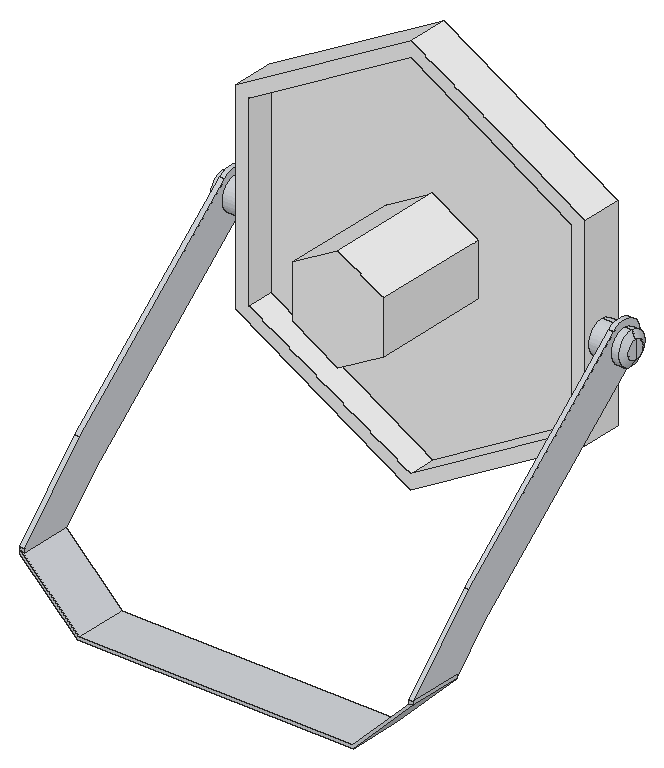
Revit family "Lighting-Proiezione-GEWISS-ESALITE-FL-PROIETTORI-LED_12K_DALI", category Apparecchi per illuminazione, host Superficie, Revit 2019 (continued)
Automatic sketch dimensions
  curve 156 to curve 168 = 13.804 mm
  curve 158 to curve 170 = 13.804 mm
  curve 170 to curve 171 = 0.491 mm
  curve 168 to curve 167 = 0.508 mm
  curve 170 to curve 169 = 0.999 mm
  curve 144 to curve 200 = 30.379 mm
  curve 195 to curve 196 = 65.099 mm
  curve 196 to curve 199 = 0.003 mm
  curve 196 to curve 182 = 3 mm
  curve 182 to curve 181 = 7.57 mm
  curve 177 to curve 177 = 7.721 mm
  curve 180 to curve 180 = 4.216 mm
  curve 185 to curve 194 = 3 mm
  curve 193 to curve 185 = 63.856 mm
  curve 195 to curve 182 = 63.856 mm
  curve 182 to curve 196 = 1.243 mm
  curve 186 to curve 192 = 1.243 mm
  curve 193 to curve 165 = 97.51 mm
  curve 165 to curve 166 = 0.865 mm
  curve 166 to curve 155 = 15.224 mm
  curve 155 to curve 154 = 2.157 mm
  curve 154 to curve 129 = 19.464 mm
  curve 137 to curve 128 = 6.488 mm
  curve 192 to curve 165 = 140.299 mm
  curve 196 to curve 167 = 140.299 mm
  curve 168 to curve 155 = 6.528 mm
  curve 164 to curve 153 = 6.528 mm
  curve 129 to curve 152 = 1.298 mm
  curve 137 to curve 156 = 1.298 mm
  curve 136 to curve 134 = 76.412 mm
  curve 126 to curve 134 = 0 mm
  curve 129 to curve 130 = 6.488 mm
  curve 137 to curve 138 = 6.488 mm
  curve 139 to curve 147 = 2.595 mm
  curve 130 to curve 123 = 2.595 mm
  curve 146 to curve 140 = 31.27 mm
  curve 130 to curve 132 = 40.369 mm
  curve 140 to curve 133 = 4.325 mm
  curve 132 to curve 131 = 4.325 mm
  curve 132 to curve 123 = 2.605 mm
  curve 140 to curve 147 = 2.605 mm
  curve 122 to curve 174 = 43.221 mm
  curve 146 to curve 177 = 43.221 mm
  curve 190 to curve 173 = 0 mm
  curve 197 to curve 177 = 0 mm
  curve 177 to curve 178 = 7.042 mm
  curve 190 to curve 190 = 7.042 mm
  curve 178 to curve 179 = 21.364 mm
  curve 189 to curve 189 = 21.364 mm
  curve 173 to curve 176 = 35.46 mm
  curve 179 to curve 198 = 7.053 mm
  curve 174 to curve 186 = 0.25 mm
  curve 198 to curve 182 = 0.25 mm
  curve 148 to curve 142 = 84.774 mm
  curve 117 to curve 117 = 84.774 mm
  curve 118 to curve 111 = 2.605 mm
  curve 142 to curve 103 = 2.605 mm
  curve 101 to curve 102 = 4.325 mm
  curve 109 to curve 110 = 4.325 mm
  curve 142 to curve 145 = 36.043 mm
  curve 118 to curve 121 = 36.043 mm
  curve 143 to curve 103 = 2.626 mm
  curve 119 to curve 111 = 2.626 mm
  curve 109 to curve 109 = 42.377 mm
  curve 101 to curve 115 = 4.335 mm
  curve 103 to curve 104 = 6.472 mm
  curve 112 to curve 112 = 6.472 mm
  curve 144 to curve 158 = 20.761 mm
  curve 120 to curve 151 = 20.761 mm
  curve 150 to curve 162 = 6.528 mm
  curve 158 to curve 170 = 6.528 mm
  curve 108 to curve 106 = 76.412 mm
  curve 115 to curve 106 = 0 mm
  curve 106 to curve 160 = 19.464 mm
  curve 160 to curve 149 = 2.157 mm
  curve 149 to curve 172 = 15.224 mm
  curve 172 to curve 171 = 0.865 mm
  curve 174 to curve 192 = 0.25 mm
  curve 198 to curve 196 = 0.25 mm
Nested families
  nested 1: "etichetta Potenza Lampada" at (0, 0, 0), visible <- "VISIBILITA' ETICHETTA", type "etichetta Potenza Lampada"
  nested 2: "ESALITE FL 12K PROIETTORE_BASE" at (0, 5, 297.451) x (0, 0, 1) z (0, 1, 0), type "ESALITE FL 12K PROIETTORE_BASE"
  nested 3: "SIMB_2D" at (0, 113.133, 0), visible <- "VISIBILITA' SIMBOLO", type "SIMB_2D"
  nested 4: "SIMB_2D" at (0, 0, 285.229) x (1, 0, 0) z (0, -1, 0), visible <- "VISIBILITA' SIMBOLO", type "SIMB_2D"
  nested 5: "SIMB_2D" at (0, 0, 285.229) x (0, 1, 0) z (1, 0, 0), visible <- "VISIBILITA' SIMBOLO", type "SIMB_2D"
  nested 6: "Laterale - FL" at (0, 159.69, 0) x (0, 1, 0) z (1, 0, 0), visible <- "VISIBILITA' LAMPADA PIANTA-LATERALE", type "Laterale - FL"
  nested 7: "Dal basso - FL" at (2.654, 48.046, 0), visible <- "VISIBILITA' LAMPADA PIANTA-LATERALE", type "Dal basso - FL"
Connectors
  electrical at (-0.185, 60, 297.509), driven by "Numero poli", driven by "V"
    settings: on nested 2, index 1, voltage 0 V, apparent load 0 VA, apparent load phase1 0 VA, apparent load phase2 0 VA, apparent load phase3 0 VA, power factor 1, load classification "Illuminazione", number of poles 1, system type 31, power factor state 1, is connector primary yes, connector utility no, sub classification motor no, connector description ""
Definition of nested family "ESALITE FL 12K PROIETTORE_BASE"
  Parameters (values of type "ESALITE FL 12K PROIETTORE_BASE")
    Schermatura interna = none
    Default Elevation = 1219.2 mm
    LED = none
    Corpo luce = none
  Reference planes
    plane 1 "Centro (Fronte/Retro)": y = 0
    plane 2: z = 0
    plane 3 "Centro (Sinistra/Destra)": x = 0
    plane 4: x = -145.163
    plane 5: x = 145.28
    plane 6: y = 126.226
    plane 7: y = -125.856
    plane 8: y = 55.469
    plane 9: y = -55.099
    plane 10: x = -63.671
    plane 11: x = 63.788
    plane 12: y = -123.856
    plane 13: y = 124.226
    plane 14: y = -112.535
    plane 15: y = 112.905
    plane 16: y = -22
    plane 17: y = 22
    plane 18: y = -108.017
    plane 19: y = 108.387
    plane 20: through (-28.293, 49.29, 1200) normal (0.866, -0.5, 0)
    plane 21: y = 49.29
    plane 22: through (28.409, 49.29, 1200) normal (0.866, 0.5, 0)
    plane 23: through (28.409, -48.92, 1200) normal (-0.866, 0.5, 0)
    plane 24: y = -48.92
    plane 25: through (-56.644, 0.185, 1200) normal (0.866, 0.5, 0)
    plane 26: through (-31.86, 55.469, 1200) normal (0.866, -0.5, 0)
    plane 27: through (-63.778, 0.185, 1200) normal (0.866, 0.5, 0)
    plane 28: y = -55.099
    plane 29: through (63.894, 0.185, 1200) normal (0.866, -0.5, 0)
    plane 30: through (63.894, 0.185, 1200) normal (-0.866, -0.5, 0)
    plane 31: y = 55.469
    plane 32: z = 123.439
    plane 33: through (-65.51, 1.185, 1200) normal (-0.866, 0.5, 0)
    plane 34: through (-33.592, -56.099, 1200) normal (-0.866, -0.5, 0)
    plane 35: through (-65.51, 1.185, 1200) normal (-0.866, 0.5, 0)
    plane 36: y = 57.469
    plane 37: through (33.708, 56.469, 1200) normal (0.866, 0.5, 0)
    plane 38: through (65.626, -0.815, 1200) normal (0.866, -0.5, 0)
    plane 39: y = -57.099
    plane 40: y = -1
    plane 41: y = 1
    plane 42: x = -1
    plane 43: x = 0
    plane 44: y = 105.387
    plane 45: y = -105.017
    plane 46: z = 130
    plane 47: y = -103.017
    plane 48: y = 103.387
    plane 49: x = 1
    plane 50: through (-108.857, 187.546, 1200) normal (0.866, -0.5, 0)
    plane 51: y = 188.046
    plane 52: y = 174.478
    plane 53: through (-101.456, 173.228, 1200) normal (0.866, -0.5, 0)
    plane 54: through (-216.848, -0.5, 1200) normal (0.866, 0.5, 0)
    plane 55: through (-200.748, -1.25, 1200) normal (0.866, 0.5, 0)
    plane 56: y = -188.046
    plane 57: y = -174.478
    plane 58: y = 188.046
    plane 59: y = 174.478
    plane 60: through (200.748, 1.25, 1200) normal (-0.866, -0.5, 0)
    plane 61: through (216.848, 0.5, 1200) normal (-0.866, -0.5, 0)
    plane 62: through (108.857, -187.546, 1200) normal (-0.866, 0.5, 0)
    plane 63: through (101.456, -173.228, 1200) normal (-0.866, 0.5, 0)
    plane 64: z = 89
    plane 65: z = 134
    plane 66: z = 108.133
    plane 67: z = 123.439
    plane 68: z = 117.439
    plane 69: z = 128.439
    plane 70: z = 27.205
    plane 71: z = 152.205
    plane 72: z = 197.205
    plane 73: z = 199.205
    plane 74: z = 192.205
    plane 75: z = 182.205
    plane 76: z = 187.205
    plane 77: z = 184.113
  Forms (mm)
    Extrusion 1, solid, material <- "Corpo luce"
      sketch origin (0, 0, 0) x (1, 0, 0) y (0, 1, 0)
        loop
          line (-28.293, 49.29) -> (-56.644, 0.185) -> (-28.293, -48.92) -> (28.409, -48.92) -> (56.76, 0.185) -> (28.409, 49.29) -> (-28.293, 49.29)
      from 199.205 to 55
    Extrusion 2, solid, material <- "Corpo luce"
      sketch origin (0, 0, 0) x (1, 0, 0) y (0, 1, 0)
        loop
          line (108.568, -188.046) -> (217.137, 0) -> (108.568, 188.046) -> (-108.568, 188.046) -> (-217.137, 0) -> (-108.568, -188.046) -> (108.568, -188.046)
        loop
          line (100.735, -174.478) -> (201.47, 0) -> (100.735, 174.478) -> (-100.735, 174.478) -> (-201.47, 0) -> (-100.735, -174.478) -> (100.735, -174.478)
      from 152.205 to 197.205
    Extrusion 3, solid, material <- "Corpo luce"
      sketch origin (0, 0, 0) x (1, 0, 0) y (0, 1, 0)
        loop
          line (-201.47, 0) -> (-100.735, -174.478) -> (100.735, -174.478) -> (201.47, 0) -> (100.735, 174.478) -> (-100.735, 174.478) -> (-201.47, 0)
        loop
          line (-28.293, 49.29) -> (-56.644, 0.185) -> (-28.293, -48.92) -> (28.409, -48.92) -> (56.76, 0.185) -> (28.409, 49.29) -> (-28.293, 49.29)
      from 182.205 to 192.205
    Extrusion 4, void
      sketch origin (0, 0, 0) x (1, 0, 0) y (0, 1, 0)
        loop
          line (-100.597, 148.72) -> (-179.094, 12.76)
          arc (-179.094, 12.76) -> (-179.103, 5.255) -> (-172.606, 1.5) r 7.499
          line (-172.606, 1.5) -> (-96.117, 1.5)
          arc (-96.117, 1.5) -> (-93.617, 2.17) -> (-91.787, 4) r 4.999
          line (-91.787, 4) -> (-49.357, 77.49)
          arc (-49.357, 77.49) -> (-48.687, 79.99) -> (-49.357, 82.49) r 4.999
          line (-49.357, 82.49) -> (-87.608, 148.742)
          arc (-87.608, 148.742) -> (-94.109, 152.481) -> (-100.597, 148.72) r 7.499
        loop
          line (78.51, 161.48) -> (-78.51, 161.48)
          arc (-78.51, 161.48) -> (-85.001, 157.736) -> (-85.01, 150.242) r 7.499
          line (-85.01, 150.242) -> (-46.759, 83.99)
          arc (-46.759, 83.99) -> (-44.93, 82.16) -> (-42.43, 81.49) r 4.999
          line (-42.43, 81.49) -> (42.43, 81.49)
          arc (42.43, 81.49) -> (44.93, 82.16) -> (46.759, 83.99) r 4.999
          line (46.759, 83.99) -> (84.998, 150.22)
          arc (84.998, 150.22) -> (85.007, 157.725) -> (78.51, 161.48) r 7.499
        loop
          arc (49.357, 82.49) -> (48.687, 79.99) -> (49.357, 77.49) r 4.999
          line (49.357, 77.49) -> (91.787, 4)
          arc (91.787, 4) -> (93.617, 2.17) -> (96.117, 1.5) r 4.999
          line (96.117, 1.5) -> (172.606, 1.5)
          arc (172.606, 1.5) -> (179.103, 5.255) -> (179.094, 12.76) r 7.499
          line (179.094, 12.76) -> (100.597, 148.72)
          arc (100.597, 148.72) -> (94.109, 152.481) -> (87.608, 148.742) r 7.499
          line (87.608, 148.742) -> (49.357, 82.49)
        loop
          line (49.357, -82.489) -> (87.608, -148.742)
          arc (87.608, -148.742) -> (94.109, -152.48) -> (100.597, -148.72) r 7.499
          line (100.597, -148.72) -> (179.094, -12.759)
          arc (179.094, -12.759) -> (179.103, -5.255) -> (172.606, -1.5) r 7.499
          line (172.606, -1.5) -> (96.117, -1.5)
          arc (96.117, -1.5) -> (93.617, -2.169) -> (91.787, -3.999) r 4.999
          line (91.787, -3.999) -> (49.357, -77.49)
          arc (49.357, -77.49) -> (48.687, -79.99) -> (49.357, -82.489) r 4.999
        loop
          arc (-42.43, -81.489) -> (-44.93, -82.159) -> (-46.759, -83.989) r 4.999
          line (-46.759, -83.989) -> (-85.01, -150.242)
          arc (-85.01, -150.242) -> (-85.001, -157.735) -> (-78.51, -161.479) r 7.499
          line (-78.51, -161.479) -> (78.51, -161.479)
          arc (78.51, -161.479) -> (85.007, -157.724) -> (84.998, -150.22) r 7.499
          line (84.998, -150.22) -> (46.759, -83.989)
          arc (46.759, -83.989) -> (44.93, -82.159) -> (42.43, -81.489) r 4.999
          line (42.43, -81.489) -> (-42.43, -81.489)
        loop
          arc (-91.787, -3.999) -> (-93.617, -2.169) -> (-96.117, -1.5) r 4.999
          line (-96.117, -1.5) -> (-172.606, -1.5)
          arc (-172.606, -1.5) -> (-179.097, -5.244) -> (-179.107, -12.737) r 7.499
          line (-179.107, -12.737) -> (-100.584, -148.742)
          arc (-100.584, -148.742) -> (-94.096, -152.48) -> (-87.608, -148.742) r 7.499
          line (-87.608, -148.742) -> (-49.357, -82.489)
          arc (-49.357, -82.489) -> (-48.687, -79.99) -> (-49.357, -77.49) r 4.999
          line (-49.357, -77.49) -> (-91.787, -3.999)
      from 187.205 to 192.205
  Cuts and joins
    Extrusion 4 cuts Extrusion 3
  Lines and regions (mm)
    symbolic lines
      curve 1: line (0, 188.046, 0) -> (0, 193.046, 0)
  Dimensions and locks
    locked: plane 6 to plane 13 at 2
    locked: plane 7 to plane 12 at 2
    locked: plane 15 to plane 13 at 11.321
    locked: plane 12 to plane 14 at 11.321
    plane 4 to plane 5 = 290.443 mm
    plane 7 to plane 6 = 252.082 mm
    Extrusion 1 to plane 70 = 172 mm
    plane 72 to plane 71 = 45 mm
    locked: plane 72 to plane 74 at 5
    locked: plane 74 to plane 75 at 10
    locked: plane 74 to plane 76 at 5
    locked: plane 76 to plane 77 at 3.092
    aligned and locked: level to plane 2
    aligned and locked: Extrusion 1 to plane 73
    aligned and locked: Extrusion 2 to plane 72
    aligned and locked: plane 71 to Extrusion 2
    aligned and locked: Extrusion 3 to plane 74
    aligned and locked: Extrusion 3 to plane 75
    aligned and locked: Extrusion 3 to Extrusion 4
    aligned and locked: plane 76 to Extrusion 4
Definition of nested family "etichetta Potenza Lampada"
  Parameters (values of type "etichetta Potenza Lampada")
    potenza lampada = "Wxxx"
  Reference planes
    plane 1: y = 0
    plane 2: x = 0
  Text (mm)
    label "QE" at (0.073, -0.194, 0), shows "potenza lampada"
Definition of nested family "SIMB_2D"
  Reference planes
    plane 1 "Centro (Fronte/Retro)": y = 0
    plane 2: z = 0
    plane 3 "Centro (Sinistra/Destra)": x = 0
  Lines and regions (mm)
    detail lines, in view "Livello rif."
      curve 1: arc (111.745, -162.105, 0) -> (147.531, -0.161, 0) -> (111.745, 161.783, 0) r 384.317
      curve 2: arc (-22.999, -120.963, 0) -> (41.867, -149.74, 0) -> (111.745, -162.105, 0) r 293.432
      curve 3: arc (-22.999, 120.641, 0) -> (-85.303, -0.161, 0) -> (-22.999, -120.963, 0) r 148.264
      curve 4: arc (111.745, 161.783, 0) -> (41.867, 149.419, 0) -> (-22.999, 120.641, 0) r 293.432
      curve 5: line (111.745, 161.783, 0) -> (111.745, -162.105, 0)
      curve 6: line (64.515, -43.176, 0) -> (-21.885, -0.161, 0)
      curve 7: line (-21.885, -0.161, 0) -> (64.515, 43.371, 0)
      curve 8: line (64.515, 43.371, 0) -> (64.515, -43.176, 0)
      curve 9: line (-21.885, 43.113, 0) -> (-21.885, -43.434, 0)
      curve 10: line (-21.885, -0.161, 0) -> (-72.406, -0.161, 0)
      curve 11: line (64.515, 0.098, 0) -> (101.821, 0.098, 0)
Definition of nested family "Laterale - FL"
  Reference planes
    plane 1 "Centro (Fronte/Retro)": y = 0
    plane 2: z = 0
    plane 3 "Centro (Sinistra/Destra)": x = 0
  Lines and regions (mm)
    detail lines, in view "Livello rif."
      curve 1: line (0.016, 320.386, 0) -> (0.011, 320.108, 0)
      curve 2: line (0.011, 320.108, 0) -> (-0.01, 319.138, 0)
      curve 3: line (0.016, 314.614, 0) -> (0.007, 315.022, 0)
      curve 4: line (0.007, 315.022, 0) -> (-0.01, 315.862, 0)
      curve 5: line (0.016, 285.386, 0) -> (0.011, 285.108, 0)
      curve 6: line (0.011, 285.108, 0) -> (-0.01, 284.138, 0)
      curve 7: line (0.016, 279.614, 0) -> (0.007, 280.022, 0)
      curve 8: line (0.007, 280.022, 0) -> (-0.01, 280.862, 0)
      curve 9: arc (-54.721, 140.59, 0) -> (-44.576, 121.52, 0) -> (-25.995, 110.505, 0) r 40.003
      curve 10: arc (-25.995, 524.495, 0) -> (-44.091, 513.98, 0) -> (-54.4, 495.767, 0) r 40.003
      curve 11: arc (-72.395, 225.468, 0) -> (-71.52, 219.705, 0) -> (-70.587, 213.95, 0) r 586.117
      curve 12: line (-72.395, 225.468, 0) -> (-74.025, 236.714, 0)
      curve 13: line (-74.025, 236.714, 0) -> (-74.727, 241.723, 0)
      curve 14: line (-74.727, 241.723, 0) -> (-75.377, 246.487, 0)
      curve 15: arc (-78.843, 299.915, 0) -> (-78.367, 299.874, 0) -> (-77.89, 299.836, 0) r 63.148
      curve 16: arc (-78.011, 317.203, 0) -> (-77.98, 308.519, 0) -> (-77.89, 299.836, 0) r 1258.533
      curve 17: arc (-77.89, 335.164, 0) -> (-78.367, 335.127, 0) -> (-78.843, 335.085, 0) r 63.103
      curve 18: arc (-77.89, 335.164, 0) -> (-77.983, 326.184, 0) -> (-78.011, 317.203, 0) r 1258.593
      curve 19: line (-0.01, 315.862, 0) -> (-0.01, 319.138, 0)
      curve 20: line (-0.01, 280.862, 0) -> (-0.01, 284.138, 0)
      curve 21: arc (42.516, 533.509, 0) -> (42.216, 534.224, 0) -> (41.496, 534.509, 0) r 1
      curve 22: arc (41.496, 100.491, 0) -> (42.216, 100.776, 0) -> (42.516, 101.491, 0) r 1
      curve 23: arc (42.561, 105.084, 0) -> (42.528, 104.961, 0) -> (42.516, 104.835, 0) r 0.75
      curve 24: line (-56.798, 486.822, 0) -> (-56.495, 487.914, 0)
      curve 25: line (-56.495, 487.914, 0) -> (-55.081, 493.153, 0)
      curve 26: line (-55.081, 493.153, 0) -> (-54.401, 495.766, 0)
      curve 27: line (-75.947, 384.278, 0) -> (-56.798, 486.822, 0)
      curve 28: arc (-85.682, 307.713, 0) -> (-85.842, 307.724, 0) -> (-86.002, 307.731, 0) r 8.04
      curve 29: arc (-78.843, 299.915, 0) -> (-81.143, 305.37, 0) -> (-86.563, 307.75, 0) r 8
      curve 30: arc (-86.545, 327.25, 0) -> (-81.137, 329.637, 0) -> (-78.843, 335.085, 0) r 8
      curve 31: line (-72.389, 225.421, 0) -> (-73.876, 235.662, 0)
      curve 32: line (-73.876, 235.662, 0) -> (-74.635, 241.063, 0)
      curve 33: line (-74.635, 241.063, 0) -> (-75.92, 250.569, 0)
      curve 34: arc (0.803, 293.141, 0) -> (-11.144, 318.794, 0) -> (-36.785, 306.822, 0) r 20
      curve 35: circle (-17.984, 300, 0) r 10.7 normal (0, 0, 1)
      curve 36: line (42.516, 530.039, 0) -> (45.016, 523.307, 0)
      curve 37: line (45.016, 523.307, 0) -> (45.016, 521.067, 0)
      curve 38: line (45.016, 521.067, 0) -> (45.016, 111.693, 0)
      curve 39: line (45.016, 111.693, 0) -> (42.561, 105.084, 0)
      curve 40: line (0.016, 320.386, 0) -> (0.016, 533.673, 0)
      curve 41: line (0.016, 533.673, 0) -> (41.496, 534.509, 0)
      curve 42: line (0.016, 308.718, 0) -> (0.016, 314.614, 0)
      curve 43: line (0.016, 285.386, 0) -> (0.016, 290.979, 0)
      curve 44: line (41.496, 100.491, 0) -> (0, 101.327, 0)
      curve 45: line (0, 101.327, 0) -> (0, 279.614, 0)
      curve 46: line (42.516, 533.509, 0) -> (42.516, 425.505, 0)
      curve 47: line (42.516, 425.505, 0) -> (42.516, 209.495, 0)
      curve 48: line (42.516, 209.495, 0) -> (42.516, 101.491, 0)
      curve 49: line (0, 103.539, 0) -> (-25.995, 110.505, 0)
      curve 50: line (0.016, 531.465, 0) -> (-25.995, 524.495, 0)
      curve 51: line (-86.545, 327.25, 0) -> (-92.504, 327.042, 0)
      curve 52: line (-92.504, 327.042, 0) -> (-93.185, 327.018, 0)
      curve 53: line (-93.185, 327.018, 0) -> (-93.185, 325, 0)
      curve 54: line (-93.185, 325, 0) -> (-126.857, 325, 0)
      curve 55: line (-126.857, 325, 0) -> (-150.984, 325, 0)
      curve 56: line (-150.984, 325, 0) -> (-150.984, 310, 0)
      curve 57: line (-150.984, 310, 0) -> (-126.857, 310, 0)
      curve 58: line (-126.857, 310, 0) -> (-93.185, 310, 0)
      curve 59: line (-93.185, 310, 0) -> (-93.185, 307.982, 0)
      curve 60: line (-93.185, 307.982, 0) -> (-92.504, 307.958, 0)
      curve 61: line (-92.504, 307.958, 0) -> (-86.821, 307.759, 0)
      curve 62: line (-86.821, 307.759, 0) -> (-86.002, 307.731, 0)
      curve 63: line (0.803, 293.141, 0) -> (-80.075, 70.932, 0)
      curve 64: line (-80.075, 70.932, 0) -> (-105.397, 1.359, 0)
      curve 65: line (-105.397, 1.359, 0) -> (-105.892, 0, 0)
      curve 66: line (-105.892, 0, 0) -> (-148.459, 0, 0)
      curve 67: line (-148.459, 0, 0) -> (-147.964, 1.359, 0)
      curve 68: line (-147.964, 1.359, 0) -> (-129.197, 52.923, 0)
      curve 69: line (-129.197, 52.923, 0) -> (-36.785, 306.822, 0)
      curve 70: line (-14.984, 298.268, 0) -> (-17.984, 296.536, 0)
      curve 71: line (-17.984, 296.536, 0) -> (-20.984, 298.268, 0)
      curve 72: line (-20.984, 298.268, 0) -> (-20.984, 301.732, 0)
      curve 73: line (-20.984, 301.732, 0) -> (-17.984, 303.464, 0)
      curve 74: line (-17.984, 303.464, 0) -> (-14.984, 301.732, 0)
      curve 75: line (-14.984, 301.732, 0) -> (-14.984, 298.268, 0)
      curve 76: circle (-17.984, 300, 0) r 18 normal (0, 0, 1)
      curve 77: line (-77.89, 299.836, 0) -> (-75.92, 250.569, 0)
      curve 78: line (-77.89, 335.682, 0) -> (-75.947, 384.278, 0)
Definition of nested family "Dal basso - FL"
  Reference planes
    plane 1 "Centro (Fronte/Retro)": y = 0
    plane 2: z = 0
    plane 3 "Centro (Sinistra/Destra)": x = 0
  Lines and regions (mm)
    detail lines, in view "Livello rif."
      curve 1: arc (-0.027, 61.897, 0) -> (13.195, 62.033, 0) -> (26.411, 62.456, 0) r 608.279
      curve 2: arc (-26.412, 62.456, 0) -> (-13.222, 62.033, 0) -> (-0.027, 61.897, 0) r 608.273
      curve 3: arc (-187.362, 149.403, 0) -> (-187.357, 149.32, 0) -> (-187.345, 149.239, 0) r 0.974
      curve 4: arc (-26.422, 62.752, 0) -> (-26.601, 64.172, 0) -> (-27.031, 65.537, 0) r 8
      curve 5: arc (-5.142, 55.946, 0) -> (0, 55.274, 0) -> (5.142, 55.946, 0) r 20
      curve 6: arc (-1.069, 0, 0) -> (0, -0.025, 0) -> (1.069, 0, 0) r 22.5
      curve 7: arc (-209, 146.475, 0) -> (-208.707, 145.768, 0) -> (-208, 145.475, 0) r 1
      curve 8: line (211.762, 67.69, 0) -> (211.961, 67.773, 0)
      curve 9: line (211.961, 67.773, 0) -> (212.133, 67.868, 0)
      curve 10: line (212.133, 67.868, 0) -> (212.263, 67.962, 0)
      curve 11: line (213.656, 17.527, 0) -> (213.977, 17.655, 0)
      curve 12: line (213.977, 17.655, 0) -> (214.273, 17.794, 0)
      curve 13: line (214.273, 17.794, 0) -> (214.527, 17.936, 0)
      curve 14: line (214.527, 17.936, 0) -> (214.754, 18.087, 0)
      curve 15: line (214.754, 18.087, 0) -> (214.942, 18.235, 0)
      curve 16: line (214.942, 18.235, 0) -> (215.104, 18.39, 0)
      curve 17: line (215.104, 18.39, 0) -> (215.232, 18.539, 0)
      curve 18: line (215.232, 18.539, 0) -> (215.335, 18.692, 0)
      curve 19: line (215.335, 18.692, 0) -> (215.41, 18.839, 0)
      curve 20: line (215.462, 18.987, 0) -> (215.5, 19.262, 0)
      curve 21: line (-26.383, 61.637, 0) -> (-26.411, 62.456, 0)
      curve 22: line (-26.411, 62.456, 0) -> (-26.423, 62.777, 0)
      curve 23: line (5.142, 55.946, 0) -> (26.383, 61.637, 0)
      curve 24: line (-5.142, 55.946, 0) -> (-26.383, 61.637, 0)
      curve 25: line (-26.383, 61.637, 0) -> (-25.755, 43.659, 0)
      curve 26: line (-209, 146.475, 0) -> (-209, 148.092, 0)
      curve 27: line (-209, 148.092, 0) -> (-209, 148.344, 0)
      curve 28: line (-209, 148.344, 0) -> (-209, 152.975, 0)
      curve 29: line (-209, 152.975, 0) -> (-212, 152.975, 0)
      curve 30: line (-212, 152.975, 0) -> (-212, 148.827, 0)
      curve 31: line (-212, 148.827, 0) -> (-212.5, 148.827, 0)
      curve 32: line (-208, 145.475, 0) -> (-207, 145.475, 0)
      curve 33: line (-207, 145.475, 0) -> (-205, 145.475, 0)
      curve 34: line (-205, 145.475, 0) -> (-190, 145.475, 0)
      curve 35: line (-190, 145.475, 0) -> (-190, 118.475, 0)
      curve 36: line (-190, 118.475, 0) -> (-190, 117.964, 0)
      curve 37: line (-190, 117.964, 0) -> (-181.155, 117.964, 0)
      curve 38: line (-178.632, 113.327, 0) -> (-205, 113.327, 0)
      curve 39: line (-205, 113.327, 0) -> (-207, 113.327, 0)
      curve 40: line (-207, 113.327, 0) -> (-212, 113.327, 0)
      curve 41: line (-212, 113.327, 0) -> (-212.5, 113.327, 0)
      curve 42: line (-223.085, 112.475, 0) -> (-215.5, 112.475, 0)
      curve 43: line (-215.5, 112.475, 0) -> (-223.085, 112.475, 0)
      curve 44: line (-223.085, 112.475, 0) -> (-227.3, 119.777, 0)
      curve 45: line (-227.3, 119.777, 0) -> (-227.3, 141.175, 0)
      curve 46: line (-227.3, 141.175, 0) -> (-223.085, 148.475, 0)
      curve 47: line (-223.085, 148.475, 0) -> (-215.5, 148.475, 0)
      curve 48: line (-226.483, 142.587, 0) -> (-224.9, 145.33, 0)
      curve 49: line (-225.006, 145.132, 0) -> (-226.342, 142.813, 0)
      curve 50: line (-145.737, 43.659, 0) -> (145.737, 43.659, 0)
      curve 51: line (212.5, 67.959, 0) -> (145.737, 43.659, 0)
      curve 52: line (-165.5, 0, 0) -> (165.5, 0, 0)
      curve 53: line (215.5, 18.198, 0) -> (165.5, 0, 0)
      curve 54: line (215.5, 18.198, 0) -> (215.5, 68.384, 0)
      curve 55: line (215.5, 68.384, 0) -> (215.5, 150.475, 0)
      curve 56: line (212.5, 149.268, 0) -> (212.5, 67.959, 0)
      curve 57: line (-212.5, 67.959, 0) -> (-145.737, 43.659, 0)
      curve 58: line (-212.5, 67.959, 0) -> (-212.5, 150.475, 0)
      curve 59: line (-212.5, 150.475, 0) -> (-215.5, 150.475, 0)
      curve 60: line (-215.5, 150.475, 0) -> (-215.5, 68.384, 0)
      curve 61: line (-215.5, 68.384, 0) -> (-215.5, 18.198, 0)
      curve 62: line (-215.5, 18.198, 0) -> (-165.5, 0, 0)
      curve 63: line (-188.394, 189.81, 0) -> (188.394, 189.81, 0)
      curve 64: line (188.394, 189.81, 0) -> (188.394, 148.56, 0)
      curve 65: line (-188.394, 189.81, 0) -> (-188.394, 148.852, 0)
      curve 66: line (-80.012, 72.329, 0) -> (-157.75, 91.219, 0)
      curve 67: arc (-157.75, 91.219, 0) -> (-180.257, 116.215, 0) -> (-188.394, 148.852, 0) r 69.518
      curve 68: line (-80.012, 72.329, 0) -> (-27.031, 65.537, 0)
      curve 69: line (-188.393, 148.516, 0) -> (188.394, 148.516, 0)
      curve 70: line (80.012, 72.329, 0) -> (157.75, 91.219, 0)
      curve 71: arc (157.75, 91.219, 0) -> (180.257, 116.215, 0) -> (188.394, 148.852, 0) r 69.518
      curve 72: arc (209, 146.475, 0) -> (208.707, 145.768, 0) -> (208, 145.475, 0) r 1
      curve 73: line (209, 146.475, 0) -> (209, 148.092, 0)
      curve 74: line (209, 148.092, 0) -> (209, 148.344, 0)
      curve 75: line (209, 148.344, 0) -> (209, 152.975, 0)
      curve 76: line (209, 152.975, 0) -> (212, 152.975, 0)
      curve 77: line (212, 152.975, 0) -> (212, 148.827, 0)
      curve 78: line (212, 148.827, 0) -> (212.5, 148.827, 0)
      curve 79: line (208, 145.475, 0) -> (207, 145.475, 0)
      curve 80: line (207, 145.475, 0) -> (205, 145.475, 0)
      curve 81: line (205, 145.475, 0) -> (190, 145.475, 0)
      curve 82: line (190, 145.475, 0) -> (190, 118.475, 0)
      curve 83: line (190, 118.475, 0) -> (190, 117.964, 0)
      curve 84: line (190, 117.964, 0) -> (181.155, 117.964, 0)
      curve 85: line (178.632, 113.327, 0) -> (205, 113.327, 0)
      curve 86: line (205, 113.327, 0) -> (207, 113.327, 0)
      curve 87: line (207, 113.327, 0) -> (212, 113.327, 0)
      curve 88: line (212, 113.327, 0) -> (212.5, 113.327, 0)
      curve 89: line (223.085, 112.475, 0) -> (215.5, 112.475, 0)
      curve 90: line (215.5, 112.475, 0) -> (223.085, 112.475, 0)
      curve 91: line (223.085, 112.475, 0) -> (227.3, 119.777, 0)
      curve 92: line (227.3, 119.777, 0) -> (227.3, 141.175, 0)
      curve 93: line (227.3, 141.175, 0) -> (223.085, 148.475, 0)
      curve 94: line (223.085, 148.475, 0) -> (215.5, 148.475, 0)
      curve 95: line (226.483, 142.587, 0) -> (224.9, 145.33, 0)
      curve 96: line (225.006, 145.132, 0) -> (226.342, 142.813, 0)
      curve 97: line (212.5, 149.268, 0) -> (212.5, 150.475, 0)
      curve 98: line (212.5, 150.475, 0) -> (215.5, 150.475, 0)
      curve 99: line (80.012, 72.329, 0) -> (27.031, 65.537, 0)
      curve 100: arc (26.422, 62.752, 0) -> (26.601, 64.172, 0) -> (27.031, 65.537, 0) r 8
      curve 101: line (26.383, 61.637, 0) -> (26.411, 62.456, 0)
      curve 102: line (26.411, 62.456, 0) -> (26.423, 62.777, 0)
      curve 103: line (26.383, 61.637, 0) -> (25.755, 43.659, 0)
Types (12, lengths in mm): name | Versioni | Temperatura di colore: | Scheda Tecnica | Ottica | built-in parameter 1150142 | Modello | Lumen output (lm) | IDT | Flusso nominale (lm) | File diagramma fotometrico | Descrizione
  GWS6422GD - ESALITE 12K 30° 4000K PRO+V GR.DALI | "Luce naturale 4000K" | "4000 K (CRI>80)" | "https://www.gewiss.com/it/it/search?q=GWS6422GD" | "30°" | "IESNA:LM-63-2002\r\n[TEST] GWS6422GD\r\n[TESTLAB] GEWISS\r\n[TESTDATE] 31 Aug 2018\r\n[ISSUEDATE] 31 Aug 2018\r\n[MANUFAC] GEWISS\r\n[LUMCAT] GWS6422GD\r\n[LUMINAIRE] ESALITE FL 12K+GLAS 30° GR. DALI LED840\r\n[FLASHAREA] 0.030706\r\n[LAMPCAT] LED 112W/4000K - 11600lm\r\n[LAMP] LED 112W/4000K - 11600lm\r\nTILT=NONE\r\n1 11600.00 1.0 34 19 1 2 -0.402 -0.402 0.000\r\n1.00 1.00 112.00\r\n0.00 1.00 2.00 3.00 4.00 5.00 6.00 7.00 8.00 9.00 10.00 \r\n11.00 12.00 13.00 14.00 15.00 17.50 20.00 22.50 25.00 \r\n27.50 30.00 35.00 40.00 45.00 50.00 55.00 60.00 65.00 \r\n70.00 75.00 80.00 85.00 90.00 \r\n0.00 5.00 10.00 15.00 20.00 25.00 30.00 35.00 40.00 45.00 \r\n50.00 55.00 60.00 65.00 70.00 75.00 80.00 85.00 90.00 \r\n21506.40 21339.36 20886.96 20171.24 19348.80 18310.60 \r\n17171.48 15897.80 14619.48 13329.56 12170.72 11217.08 \r\n10560.41 10102.79 9771.49 9502.26 8741.99 7696.83 6539.27 \r\n5624.84 4966.66 4375.06 3196.96 2080.00 868.94 688.97 \r\n689.82 772.75 668.94 536.85 405.00 260.76 98.62 0.33 \r\n21506.40 21327.76 20876.52 20168.92 19341.84 18325.68 \r\n17187.72 15922.16 14651.96 13371.32 12224.08 11278.33 \r\n10628.73 10168.79 9839.58 9573.48 8817.62 7769.91 6607.36 \r\n5677.50 5006.91 4409.97 3220.86 2093.22 871.18 688.38 \r\n688.85 770.91 670.89 537.02 407.33 264.65 99.36 0.33 \r\n21506.40 21333.56 20881.16 20172.40 19338.36 18325.68 \r\n17181.92 15915.20 14638.04 13352.76 12199.72 11258.96 \r\n10606.23 10141.65 9814.06 9546.68 8795.00 7746.13 6594.83 \r\n5658.02 4990.44 4398.37 3217.96 2087.54 871.47 689.92 \r\n689.27 767.42 672.48 535.37 412.50 267.72 100.26 0.35 \r\n21506.40 21333.56 20882.32 20180.52 19341.84 18314.08 \r\n17168.00 15901.28 14618.32 13328.40 12176.52 11243.65 \r\n10586.62 10116.82 9791.10 9522.32 8790.48 7743.00 6597.85 \r\n5646.30 4976.17 4394.66 3223.29 2088.23 873.27 689.50 \r\n688.55 764.71 671.95 534.37 420.24 269.71 98.69 0.36 \r\n21506.40 21334.72 20882.32 20193.28 19361.56 18332.64 \r\n17187.72 15922.16 14643.84 13358.56 12203.20 11263.14 \r\n10599.38 10128.08 9799.45 9532.07 8816.58 7779.54 6627.89 \r\n5662.19 4980.00 4403.48 3234.66 2087.07 872.68 689.53 \r\n688.52 760.48 671.64 536.38 428.28 271.94 96.75 0.38 \r\n21506.40 21333.56 20882.32 20197.92 19358.08 18323.36 \r\n17183.08 15919.84 14638.04 13351.60 12204.36 11263.95 \r\n10602.05 10127.73 9792.02 9526.50 8819.83 7784.64 6627.20 \r\n5654.42 4968.51 4397.79 3246.38 2093.68 875.88 690.25 \r\n688.45 761.90 673.59 538.79 429.57 271.00 95.88 0.41 \r\n21506.40 21334.72 20877.68 20182.84 19363.88 18325.68 \r\n17185.40 15912.88 14628.76 13338.84 12196.24 11245.50 \r\n10584.65 10108.47 9770.56 9499.82 8802.66 7779.08 6623.95 \r\n5646.30 4953.78 4385.73 3248.46 2094.50 875.44 688.69 \r\n686.02 759.99 672.50 537.56 429.59 269.02 93.26 0.42 \r\n21506.40 21334.72 20893.92 20204.88 19383.60 18354.68 \r\n17206.28 15940.72 14662.40 13377.12 12227.56 11271.60 \r\n10614.23 10138.86 9797.94 9524.30 8832.24 7810.74 6648.54 \r\n5661.96 4959.81 4393.15 3260.18 2101.57 876.84 690.33 \r\n687.04 762.24 675.87 538.89 431.14 269.48 94.27 0.44 \r\n21506.40 21327.76 20881.16 20196.76 19369.68 18345.40 \r\n17190.04 15926.80 14650.80 13363.20 12214.80 11253.62 \r\n10593.58 10114.50 9771.26 9497.50 8806.72 7783.72 6627.20 \r\n5641.20 4940.56 4381.55 3257.05 2099.25 878.75 690.57 \r\n686.29 762.96 676.28 536.09 430.62 269.71 94.29 0.46 \r\n21506.40 21321.96 20882.32 20204.88 19372.00 18344.24 \r\n17190.04 15922.16 14646.16 13355.08 12204.36 11243.53 \r\n10585.23 10105.46 9764.42 9488.80 8798.95 7783.14 6635.20 \r\n5647.69 4943.34 4383.87 3258.67 2099.60 878.70 689.47 \r\n685.72 766.92 676.57 533.40 423.74 266.78 96.22 0.48 \r\n21506.40 21333.56 20893.92 20221.12 19388.24 18359.32 \r\n17202.80 15931.44 14654.28 13359.72 12204.36 11240.86 \r\n10579.08 10093.39 9750.96 9472.91 8782.94 7771.07 6627.89 \r\n5637.83 4935.10 4375.17 3252.41 2097.28 878.22 689.28 \r\n685.64 775.26 677.45 535.33 413.69 266.78 98.06 0.51 \r\n21506.40 21339.36 20898.56 20217.64 19395.20 18374.40 \r\n17206.28 15931.44 14651.96 13360.88 12212.48 11254.90 \r\n10590.80 10104.64 9756.30 9473.02 8769.72 7756.11 6617.22 \r\n5633.54 4937.89 4373.55 3251.36 2096.93 881.90 690.18 \r\n686.19 779.24 675.13 536.73 408.35 261.17 96.32 0.53 \r\n21506.40 21339.36 20909.00 20228.08 19403.32 18394.12 \r\n17230.64 15959.28 14685.60 13398.00 12251.92 11298.28 \r\n10629.31 10144.32 9788.89 9498.66 8788.51 7773.62 6634.97 \r\n5660.45 4967.35 4393.73 3255.66 2103.89 886.31 690.79 \r\n686.91 780.99 676.34 538.63 408.76 258.51 95.81 0.55 \r\n21506.40 21333.56 20893.92 20221.12 19388.24 18382.52 \r\n17219.04 15941.88 14663.56 13373.64 12221.76 11269.98 \r\n10598.69 10113.11 9750.61 9459.10 8744.31 7732.68 6603.76 \r\n5648.04 4965.38 4392.92 3250.44 2101.34 884.56 688.58 \r\n684.59 776.53 674.60 535.47 407.81 262.25 96.46 0.57 \r\n21506.40 21345.16 20910.16 20231.56 19403.32 18390.64 \r\n17221.36 15950.00 14674.00 13385.24 12235.68 11292.25 \r\n10624.79 10136.66 9771.38 9470.36 8744.43 7728.96 6600.98 \r\n5650.48 4973.50 4397.33 3253.22 2103.08 885.74 690.13 \r\n685.77 773.31 677.44 534.83 410.51 265.23 95.33 0.58 \r\n21506.40 21340.52 20905.52 20232.72 19405.64 18399.92 \r\n17235.28 15967.40 14693.72 13407.28 12258.88 11332.16 \r\n10664.00 10174.48 9801.07 9494.37 8753.71 7726.18 6599.36 \r\n5659.06 4991.36 4410.55 3260.53 2108.07 888.71 690.83 \r\n686.24 768.93 677.56 534.75 424.75 261.79 92.98 0.61 \r\n21506.40 21346.32 20911.32 20231.56 19416.08 18397.60 \r\n17230.64 15951.16 14669.36 13374.80 12214.80 11292.83 \r\n10624.21 10133.88 9756.06 9446.81 8692.46 7663.54 6556.67 \r\n5635.16 4980.58 4401.04 3251.83 2103.78 888.21 690.88 \r\n685.64 763.40 675.39 533.07 427.58 262.45 89.81 0.62 \r\n21506.40 21346.32 20905.52 20232.72 19398.68 18410.36 \r\n17237.60 15960.44 14680.96 13386.40 12222.92 11316.50 \r\n10649.84 10155.22 9780.42 9472.44 8713.92 7677.00 6571.05 \r\n5646.18 4993.45 4411.13 3258.21 2111.08 891.12 690.79 \r\n685.91 762.63 675.50 533.02 426.53 263.05 90.38 0.64 \r\n21506.40 21339.36 20898.56 20231.56 19420.72 18408.04 \r\n17253.84 15970.88 14690.24 13400.32 12235.68 11333.55 \r\n10666.90 10173.20 9808.15 9494.48 8719.49 7669.11 6559.22 \r\n5637.72 4983.36 4401.62 3253.68 2110.39 889.93 691.08 \r\n686.30 761.90 674.27 534.06 424.03 269.54 88.56 0.64 \r\n" | "GWS6422GD" | "11600" | "4137ea79a7aa4a21ab568371c8baf27c" | "15000" | "GWS6422GD.IES" | "ESALITE 12K 30° 4000K PRO+V GR.DALI"
